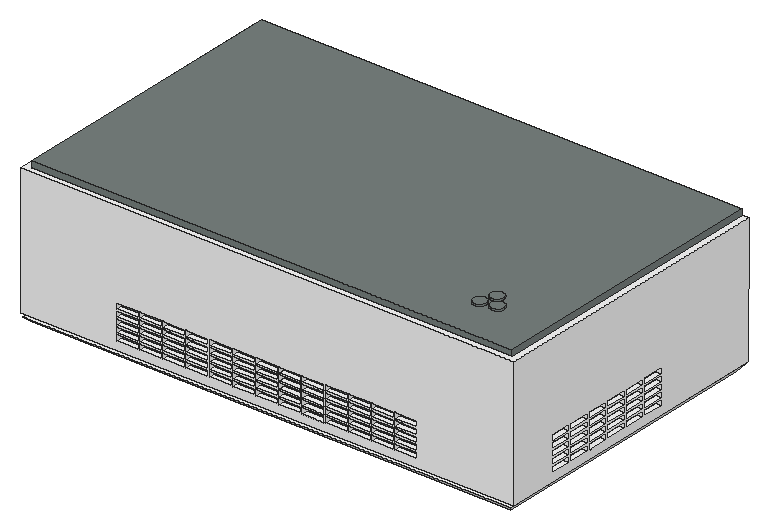
Revit family "AM 300 HHBB", category Mechanical Equipment, Revit 2019
Family settings
  Round Connector Dimension = Use Diameter
  Part Type = Normal
  OmniClass Number = 23.75.00.00
  OmniClass Title = Climate Control (HVAC)
  Work Plane-Based = No
  Always vertical = Yes
  Cut with Voids When Loaded = No
  Shared = No
  Room Calculation Point = No
Parameters
  Weight (Standard Unit) = 85  # constant formula
  Water Heating [instance] = yes
  Water Heater Surface Return = 15 mm  # constant formula
  Water Heater Surface IN = 15 mm  # constant formula
  Version number = "1.0"
  URL = "www.airmaster-as.com"
  Total Width = 1180 mm  # constant formula
  Total Hight = 344 mm  # constant formula
  T-C Duct Supply = 187 mm  # constant formula
  T-C Duct Exhaust = 187 mm  # constant formula
  Suply Air In = 160 mm  # constant formula
  R-C Duct Supply = 133 mm  # constant formula
  Publication date = "01.05.2023"
  Phase 1 - Max Power Consumption = "1175 W"
  Phase 1 - Max Current = "7,97 A"
  Nominal current, electrical preheating surface = "4,35 A"
  Nominal current, electrical comfort heating surface = "2,17 A"
  Nominal current, air handling unit = "1,45 A"
  Network Conection = "AWG 24 CAT 5e STP"
  Model = "AM 300 HHBB"
  Max. flow rate 35 dB(A) with ePM10 80% filters = 240.00 m³  # constant formula
  Max. flow rate 35 dB(A) with ePM10 55% filters = 270.00 m³  # constant formula
  Max. flow rate 35 dB(A) with ePM10 50% filters = 275.00 m³  # constant formula
  Max. flow rate 30 dB(A) with ePM10 80% filters = 180.00 m³  # constant formula
  Max. flow rate 30 dB(A) with ePM10 55% filters = 205.00 m³  # constant formula
  Max. flow rate 30 dB(A) with ePM10 50% filters = 210.00 m³  # constant formula
  Manufacturer = "Airmaster A/S"
  Maintenance [instance] = no
  L-C Duct Exhaust = 133 mm  # constant formula
  Exhaust Air = 160 mm  # constant formula
  Total Depth = 703 mm  # constant formula
  Electrical connection = "1 ~ 230 V / N / PE / 50 Hz"
  Drawn By = "LSB"
  Data Sheet = "https://www.airmaster-as.com/media/4938/15583-am300-en-rev-04.pdf"
  Condensate = 6 mm  # constant formula
  BMS Panel = "(PTS) 2x2x0,6"
  BMS Out = "(PTS) 2x2x0,6"
  BMS IN = "(PTS) 2x2x0,6"
  Airlow area [instance] = no
Reference planes
  plane 1 "Center (Front/Back)": y = 0
  plane 2: z = 0
  plane 3 "Center (Left/Right)": x = 0
  plane 4 "Center L/S": y = -703
  plane 5 "Center L/T": x = -590
  plane 6 "Center L/U": x = 590
  plane 7 "TOP": z = 344
  plane 8 "Center L/V": x = -575
  plane 9 "Center L/W": y = -688
  plane 10 "Center L/X": x = 575
  plane 11 "Panel Buttom": z = 20.747
  plane 12 "Panel Top": z = 330.347
  plane 13 "Hatch": z = 14.5
Forms (mm)
  Extrusion 1, solid, material "AM Grey"
    sketch origin (0, 0, 0) x (1, 0, 0) y (0, 1, 0)
      loop
        line (-575, 0) -> (-575, -688) -> (575, -688) -> (575, 0) -> (-575, 0)
    from 14.5 to 344
  Extrusion 2, solid, material "AM White"
    sketch origin (794.5, -1524, 20.747) x (0, -1, 0) y (-1, 0, 0)
      loop
        line (-1524, 1384.5) -> (-1524, 1369.5) -> (-836, 1369.5) -> (-836, 219.5) -> (-1524, 219.5) -> (-1524, 204.5) -> (-821, 204.5) -> (-821, 1384.5) -> (-1524, 1384.5)
    from 0 to -309.6
  Blend 3, solid, material "AM White"
    base sketch origin (-790.646, -1524, 14.5) x (0, -1, 0) y (1, 0, 0)
      loop
        line (-821, 207.613) -> (-821, 1373.657) -> (-1524, 1373.657) -> (-1524, 207.613) -> (-821, 207.613)
    top sketch origin (-790.646, -1524, 14.5) x (0, -1, 0) y (1, 0, 0)
      loop
        line (-836, 218.963) -> (-836, 1362.646) -> (-1509.161, 1362.646) -> (-1509.161, 218.963) -> (-836, 218.963)
    from 0 to -14.5
  Extrusion 4, solid, material "AM Grey"
    sketch origin (-575, 0, 0) x (1, 0, 0) y (0, 0, -1)
      loop
        circle (1032, -157) r 80
    from 0 to 18.45
  Extrusion 5, solid, material "AM Grey"
    sketch origin (-785, 0, 0) x (1, 0, 0) y (0, 0, -1)
      loop
        circle (328, -157) r 80
    from 0 to 18.45
  Extrusion 6, solid, material "Maintenece", visible <- "Maintenance"
    sketch origin (-790.646, -1524, 0) x (1, 0, 0) y (0, -1, 0)
      loop
        line (200.646, -1524) -> (1380.646, -1524) -> (1380.646, -821) -> (200.646, -821) -> (200.646, -1524)
    from 0 to 1200
  Extrusion 7, solid, material "Maintenece", visible <- "Airlow area"
    sketch origin (590, 0, 24.45) x (0, -1, 0) y (0, 0, -1)
      loop
        line (0, -98.297) -> (703, -98.297) -> (703, 21) -> (0, 21) -> (0, -98.297)
    from 0 to 500
  Extrusion 8, solid, material "AM Grey"
    sketch origin (0, 0, 344) x (1, 0, 0) y (0, 1, 0)
      loop
        circle (428.027, -549.273) r 15.55
    from 0 to 3
  Extrusion 9, solid, material "AM Grey"
    sketch origin (0, 0, 344) x (1, 0, 0) y (0, 1, 0)
      loop
        circle (452.132, -578.023) r 15.55
    from 0 to 3
  Extrusion 10, solid, material "AM Grey"
    sketch origin (0, 0, 344) x (1, 0, 0) y (0, 1, 0)
      loop
        circle (415.201, -584.535) r 15.55
    from 0 to 3
  Extrusion 11, void
    sketch origin (590, -703, 24.45) x (1, 0, 0) y (0, 0, -1)
      loop
        line (-950, -98.297) -> (-897.385, -98.297) -> (-897.385, -84.297) -> (-950, -84.297) -> (-950, -98.297)
      loop
        line (-950, -81.297) -> (-897.385, -81.297) -> (-897.385, -67.297) -> (-950, -67.297) -> (-950, -81.297)
      loop
        line (-950, -64.297) -> (-897.385, -64.297) -> (-897.385, -50.297) -> (-950, -50.297) -> (-950, -64.297)
      loop
        line (-950, -47.297) -> (-897.385, -47.297) -> (-897.385, -33.297) -> (-950, -33.297) -> (-950, -47.297)
      loop
        line (-950, -30.297) -> (-897.385, -30.297) -> (-897.385, -16.297) -> (-950, -16.297) -> (-950, -30.297)
      loop
        line (-894.385, -98.297) -> (-841.769, -98.297) -> (-841.769, -84.297) -> (-894.385, -84.297) -> (-894.385, -98.297)
      loop
        line (-894.385, -81.297) -> (-841.769, -81.297) -> (-841.769, -67.297) -> (-894.385, -67.297) -> (-894.385, -81.297)
      loop
        line (-894.385, -64.297) -> (-841.769, -64.297) -> (-841.769, -50.297) -> (-894.385, -50.297) -> (-894.385, -64.297)
      loop
        line (-894.385, -47.297) -> (-841.769, -47.297) -> (-841.769, -33.297) -> (-894.385, -33.297) -> (-894.385, -47.297)
      loop
        line (-894.385, -30.297) -> (-841.769, -30.297) -> (-841.769, -16.297) -> (-894.385, -16.297) -> (-894.385, -30.297)
      loop
        line (-838.769, -98.297) -> (-786.154, -98.297) -> (-786.154, -84.297) -> (-838.769, -84.297) -> (-838.769, -98.297)
      loop
        line (-838.769, -81.297) -> (-786.154, -81.297) -> (-786.154, -67.297) -> (-838.769, -67.297) -> (-838.769, -81.297)
      loop
        line (-838.769, -64.297) -> (-786.154, -64.297) -> (-786.154, -50.297) -> (-838.769, -50.297) -> (-838.769, -64.297)
      loop
        line (-838.769, -47.297) -> (-786.154, -47.297) -> (-786.154, -33.297) -> (-838.769, -33.297) -> (-838.769, -47.297)
      loop
        line (-838.769, -30.297) -> (-786.154, -30.297) -> (-786.154, -16.297) -> (-838.769, -16.297) -> (-838.769, -30.297)
      loop
        line (-783.154, -98.297) -> (-730.538, -98.297) -> (-730.538, -84.297) -> (-783.154, -84.297) -> (-783.154, -98.297)
      loop
        line (-783.154, -81.297) -> (-730.538, -81.297) -> (-730.538, -67.297) -> (-783.154, -67.297) -> (-783.154, -81.297)
      loop
        line (-783.154, -64.297) -> (-730.538, -64.297) -> (-730.538, -50.297) -> (-783.154, -50.297) -> (-783.154, -64.297)
      loop
        line (-783.154, -47.297) -> (-730.538, -47.297) -> (-730.538, -33.297) -> (-783.154, -33.297) -> (-783.154, -47.297)
      loop
        line (-783.154, -30.297) -> (-730.538, -30.297) -> (-730.538, -16.297) -> (-783.154, -16.297) -> (-783.154, -30.297)
      loop
        line (-727.538, -98.297) -> (-674.923, -98.297) -> (-674.923, -84.297) -> (-727.538, -84.297) -> (-727.538, -98.297)
      loop
        line (-727.538, -81.297) -> (-674.923, -81.297) -> (-674.923, -67.297) -> (-727.538, -67.297) -> (-727.538, -81.297)
      loop
        line (-727.538, -64.297) -> (-674.923, -64.297) -> (-674.923, -50.297) -> (-727.538, -50.297) -> (-727.538, -64.297)
      loop
        line (-727.538, -47.297) -> (-674.923, -47.297) -> (-674.923, -33.297) -> (-727.538, -33.297) -> (-727.538, -47.297)
      loop
        line (-727.538, -30.297) -> (-674.923, -30.297) -> (-674.923, -16.297) -> (-727.538, -16.297) -> (-727.538, -30.297)
      loop
        line (-671.923, -98.297) -> (-619.308, -98.297) -> (-619.308, -84.297) -> (-671.923, -84.297) -> (-671.923, -98.297)
      loop
        line (-671.923, -81.297) -> (-619.308, -81.297) -> (-619.308, -67.297) -> (-671.923, -67.297) -> (-671.923, -81.297)
      loop
        line (-671.923, -64.297) -> (-619.308, -64.297) -> (-619.308, -50.297) -> (-671.923, -50.297) -> (-671.923, -64.297)
      loop
        line (-671.923, -47.297) -> (-619.308, -47.297) -> (-619.308, -33.297) -> (-671.923, -33.297) -> (-671.923, -47.297)
      loop
        line (-671.923, -30.297) -> (-619.308, -30.297) -> (-619.308, -16.297) -> (-671.923, -16.297) -> (-671.923, -30.297)
      loop
        line (-616.308, -98.297) -> (-563.692, -98.297) -> (-563.692, -84.297) -> (-616.308, -84.297) -> (-616.308, -98.297)
      loop
        line (-616.308, -81.297) -> (-563.692, -81.297) -> (-563.692, -67.297) -> (-616.308, -67.297) -> (-616.308, -81.297)
      loop
        line (-616.308, -64.297) -> (-563.692, -64.297) -> (-563.692, -50.297) -> (-616.308, -50.297) -> (-616.308, -64.297)
      loop
        line (-616.308, -47.297) -> (-563.692, -47.297) -> (-563.692, -33.297) -> (-616.308, -33.297) -> (-616.308, -47.297)
      loop
        line (-616.308, -30.297) -> (-563.692, -30.297) -> (-563.692, -16.297) -> (-616.308, -16.297) -> (-616.308, -30.297)
      loop
        line (-560.692, -98.297) -> (-508.077, -98.297) -> (-508.077, -84.297) -> (-560.692, -84.297) -> (-560.692, -98.297)
      loop
        line (-560.692, -81.297) -> (-508.077, -81.297) -> (-508.077, -67.297) -> (-560.692, -67.297) -> (-560.692, -81.297)
      loop
        line (-560.692, -64.297) -> (-508.077, -64.297) -> (-508.077, -50.297) -> (-560.692, -50.297) -> (-560.692, -64.297)
      loop
        line (-560.692, -47.297) -> (-508.077, -47.297) -> (-508.077, -33.297) -> (-560.692, -33.297) -> (-560.692, -47.297)
      loop
        line (-560.692, -30.297) -> (-508.077, -30.297) -> (-508.077, -16.297) -> (-560.692, -16.297) -> (-560.692, -30.297)
      loop
        line (-505.077, -98.297) -> (-452.462, -98.297) -> (-452.462, -84.297) -> (-505.077, -84.297) -> (-505.077, -98.297)
      loop
        line (-505.077, -81.297) -> (-452.462, -81.297) -> (-452.462, -67.297) -> (-505.077, -67.297) -> (-505.077, -81.297)
      loop
        line (-505.077, -64.297) -> (-452.462, -64.297) -> (-452.462, -50.297) -> (-505.077, -50.297) -> (-505.077, -64.297)
      loop
        line (-505.077, -47.297) -> (-452.462, -47.297) -> (-452.462, -33.297) -> (-505.077, -33.297) -> (-505.077, -47.297)
      loop
        line (-505.077, -30.297) -> (-452.462, -30.297) -> (-452.462, -16.297) -> (-505.077, -16.297) -> (-505.077, -30.297)
      loop
        line (-449.462, -98.297) -> (-396.846, -98.297) -> (-396.846, -84.297) -> (-449.462, -84.297) -> (-449.462, -98.297)
      loop
        line (-449.462, -81.297) -> (-396.846, -81.297) -> (-396.846, -67.297) -> (-449.462, -67.297) -> (-449.462, -81.297)
      loop
        line (-449.462, -64.297) -> (-396.846, -64.297) -> (-396.846, -50.297) -> (-449.462, -50.297) -> (-449.462, -64.297)
      loop
        line (-449.462, -47.297) -> (-396.846, -47.297) -> (-396.846, -33.297) -> (-449.462, -33.297) -> (-449.462, -47.297)
      loop
        line (-449.462, -30.297) -> (-396.846, -30.297) -> (-396.846, -16.297) -> (-449.462, -16.297) -> (-449.462, -30.297)
      loop
        line (-393.846, -98.297) -> (-341.231, -98.297) -> (-341.231, -84.297) -> (-393.846, -84.297) -> (-393.846, -98.297)
      loop
        line (-393.846, -81.297) -> (-341.231, -81.297) -> (-341.231, -67.297) -> (-393.846, -67.297) -> (-393.846, -81.297)
      loop
        line (-393.846, -64.297) -> (-341.231, -64.297) -> (-341.231, -50.297) -> (-393.846, -50.297) -> (-393.846, -64.297)
      loop
        line (-393.846, -47.297) -> (-341.231, -47.297) -> (-341.231, -33.297) -> (-393.846, -33.297) -> (-393.846, -47.297)
      loop
        line (-393.846, -30.297) -> (-341.231, -30.297) -> (-341.231, -16.297) -> (-393.846, -16.297) -> (-393.846, -30.297)
      loop
        line (-338.231, -98.297) -> (-285.615, -98.297) -> (-285.615, -84.297) -> (-338.231, -84.297) -> (-338.231, -98.297)
      loop
        line (-338.231, -81.297) -> (-285.615, -81.297) -> (-285.615, -67.297) -> (-338.231, -67.297) -> (-338.231, -81.297)
      loop
        line (-338.231, -64.297) -> (-285.615, -64.297) -> (-285.615, -50.297) -> (-338.231, -50.297) -> (-338.231, -64.297)
      loop
        line (-338.231, -47.297) -> (-285.615, -47.297) -> (-285.615, -33.297) -> (-338.231, -33.297) -> (-338.231, -47.297)
      loop
        line (-338.231, -30.297) -> (-285.615, -30.297) -> (-285.615, -16.297) -> (-338.231, -16.297) -> (-338.231, -30.297)
      loop
        line (-282.615, -98.297) -> (-230, -98.297) -> (-230, -84.297) -> (-282.615, -84.297) -> (-282.615, -98.297)
      loop
        line (-282.615, -81.297) -> (-230, -81.297) -> (-230, -67.297) -> (-282.615, -67.297) -> (-282.615, -81.297)
      loop
        line (-282.615, -64.297) -> (-230, -64.297) -> (-230, -50.297) -> (-282.615, -50.297) -> (-282.615, -64.297)
      loop
        line (-282.615, -47.297) -> (-230, -47.297) -> (-230, -33.297) -> (-282.615, -33.297) -> (-282.615, -47.297)
      loop
        line (-282.615, -30.297) -> (-230, -30.297) -> (-230, -16.297) -> (-282.615, -16.297) -> (-282.615, -30.297)
    from 0 to 15
  Extrusion 12, void
    sketch origin (590, 0, 25.035) x (0, 1, 0) y (0, 0, -1)
      loop
        line (-588.9, -97.712) -> (-536.417, -97.712) -> (-536.417, -83.712) -> (-588.9, -83.712) -> (-588.9, -97.712)
      loop
        line (-588.9, -80.712) -> (-536.417, -80.712) -> (-536.417, -66.712) -> (-588.9, -66.712) -> (-588.9, -80.712)
      loop
        line (-588.9, -63.712) -> (-536.417, -63.712) -> (-536.417, -49.712) -> (-588.9, -49.712) -> (-588.9, -63.712)
      loop
        line (-588.9, -46.712) -> (-536.417, -46.712) -> (-536.417, -32.712) -> (-588.9, -32.712) -> (-588.9, -46.712)
      loop
        line (-588.9, -29.712) -> (-536.417, -29.712) -> (-536.417, -15.712) -> (-588.9, -15.712) -> (-588.9, -29.712)
      loop
        line (-533.417, -97.712) -> (-480.933, -97.712) -> (-480.933, -83.712) -> (-533.417, -83.712) -> (-533.417, -97.712)
      loop
        line (-533.417, -80.712) -> (-480.933, -80.712) -> (-480.933, -66.712) -> (-533.417, -66.712) -> (-533.417, -80.712)
      loop
        line (-533.417, -63.712) -> (-480.933, -63.712) -> (-480.933, -49.712) -> (-533.417, -49.712) -> (-533.417, -63.712)
      loop
        line (-533.417, -46.712) -> (-480.933, -46.712) -> (-480.933, -32.712) -> (-533.417, -32.712) -> (-533.417, -46.712)
      loop
        line (-533.417, -29.712) -> (-480.933, -29.712) -> (-480.933, -15.712) -> (-533.417, -15.712) -> (-533.417, -29.712)
      loop
        line (-477.933, -97.712) -> (-425.45, -97.712) -> (-425.45, -83.712) -> (-477.933, -83.712) -> (-477.933, -97.712)
      loop
        line (-477.933, -80.712) -> (-425.45, -80.712) -> (-425.45, -66.712) -> (-477.933, -66.712) -> (-477.933, -80.712)
      loop
        line (-477.933, -63.712) -> (-425.45, -63.712) -> (-425.45, -49.712) -> (-477.933, -49.712) -> (-477.933, -63.712)
      loop
        line (-477.933, -46.712) -> (-425.45, -46.712) -> (-425.45, -32.712) -> (-477.933, -32.712) -> (-477.933, -46.712)
      loop
        line (-477.933, -29.712) -> (-425.45, -29.712) -> (-425.45, -15.712) -> (-477.933, -15.712) -> (-477.933, -29.712)
      loop
        line (-422.45, -97.712) -> (-369.967, -97.712) -> (-369.967, -83.712) -> (-422.45, -83.712) -> (-422.45, -97.712)
      loop
        line (-422.45, -80.712) -> (-369.967, -80.712) -> (-369.967, -66.712) -> (-422.45, -66.712) -> (-422.45, -80.712)
      loop
        line (-422.45, -63.712) -> (-369.967, -63.712) -> (-369.967, -49.712) -> (-422.45, -49.712) -> (-422.45, -63.712)
      loop
        line (-422.45, -46.712) -> (-369.967, -46.712) -> (-369.967, -32.712) -> (-422.45, -32.712) -> (-422.45, -46.712)
      loop
        line (-422.45, -29.712) -> (-369.967, -29.712) -> (-369.967, -15.712) -> (-422.45, -15.712) -> (-422.45, -29.712)
      loop
        line (-366.967, -97.712) -> (-314.483, -97.712) -> (-314.483, -83.712) -> (-366.967, -83.712) -> (-366.967, -97.712)
      loop
        line (-366.967, -80.712) -> (-314.483, -80.712) -> (-314.483, -66.712) -> (-366.967, -66.712) -> (-366.967, -80.712)
      loop
        line (-366.967, -63.712) -> (-314.483, -63.712) -> (-314.483, -49.712) -> (-366.967, -49.712) -> (-366.967, -63.712)
      loop
        line (-366.967, -46.712) -> (-314.483, -46.712) -> (-314.483, -32.712) -> (-366.967, -32.712) -> (-366.967, -46.712)
      loop
        line (-366.967, -29.712) -> (-314.483, -29.712) -> (-314.483, -15.712) -> (-366.967, -15.712) -> (-366.967, -29.712)
      loop
        line (-311.483, -97.712) -> (-259, -97.712) -> (-259, -83.712) -> (-311.483, -83.712) -> (-311.483, -97.712)
      loop
        line (-311.483, -80.712) -> (-259, -80.712) -> (-259, -66.712) -> (-311.483, -66.712) -> (-311.483, -80.712)
      loop
        line (-311.483, -63.712) -> (-259, -63.712) -> (-259, -49.712) -> (-311.483, -49.712) -> (-311.483, -63.712)
      loop
        line (-311.483, -46.712) -> (-259, -46.712) -> (-259, -32.712) -> (-311.483, -32.712) -> (-311.483, -46.712)
      loop
        line (-311.483, -29.712) -> (-259, -29.712) -> (-259, -15.712) -> (-311.483, -15.712) -> (-311.483, -29.712)
    from 0 to 15
  Extrusion 13, solid, material "AM Grey", visible <- "Water Heating"
    sketch origin (-575, -688, 0) x (0, 1, 0) y (0, 0, -1)
      loop
        circle (325.216, -242.139) r 15.55
    from 0 to 36
  Extrusion 14, solid, material "AM Grey", visible <- "Water Heating"
    sketch origin (-575, -836.92, 39.903) x (0, 1, 0) y (0, 0, -1)
      loop
        circle (325.216, -242.139) r 15.55
    from 0 to 36
Cuts and joins
  Extrusion 11, Extrusion 12 cuts Extrusion 1
  Extrusion 11, Extrusion 12 cuts Extrusion 2
  Extrusion 12 cuts Extrusion 7
Dimensions and locks
  "Total Depth": plane 4 "Center L/S" to plane 1 "Center (Front/Back)"
  equal spacing: plane 5 "Center L/T", plane 3 "Center (Left/Right)", plane 6 "Center L/U"
  "Total Width": plane 5 "Center L/T" to plane 6 "Center L/U"
  "Total Hight": plane 7 "TOP" to level
  locked: plane 10 "Center L/X" to plane 6 "Center L/U" at 15
  locked: plane 4 "Center L/S" to plane 9 "Center L/W" at 15
  locked: plane 5 "Center L/T" to plane 8 "Center L/V" at 15
  Extrusion 1 to Blend 3 sketch curve = 14.839 mm
  "R-C Duct Supply": plane 6 "Center L/U" to Extrusion 4 sketch curve
  "T-C Duct Exhaust": Extrusion 5 sketch curve to plane 7 "TOP"
  "L-C Duct Exhaust": Extrusion 5 sketch curve to plane 5 "Center L/T"
  "T-C Duct Supply": plane 7 "TOP" to Extrusion 4 sketch curve
  "Suply Air In": diameter of Extrusion 4 sketch curve
  "Exhaust Air": diameter of Extrusion 5 sketch curve
  aligned and locked: level to plane 2
  aligned and locked: plane 1 "Center (Front/Back)" to Extrusion 1 sketch curve
  aligned and locked: plane 8 "Center L/V" to Extrusion 1 sketch curve
  aligned and locked: Extrusion 1 sketch curve to plane 9 "Center L/W"
  aligned and locked: Extrusion 1 sketch curve to plane 10 "Center L/X"
  aligned and locked: plane 7 "TOP" to Extrusion 1
  aligned and locked: plane 5 "Center L/T" to Extrusion 2 sketch curve
  aligned and locked: plane 4 "Center L/S" to Extrusion 2 sketch curve
  aligned and locked: plane 6 "Center L/U" to Extrusion 2 sketch curve
  aligned and locked: Extrusion 2 sketch curve to Extrusion 1  (x3)
  aligned and locked: plane 1 "Center (Front/Back)" to Extrusion 2 sketch curve
  aligned and locked: Extrusion 2 to plane 12 "Panel Top"
  aligned and locked: Blend 3 to plane 2
  aligned and locked: plane 13 "Hatch" to Extrusion 1
Automatic sketch dimensions
  plane 1 "Center (Front/Back)" to Extrusion 2 sketch curve = 0 mm
  plane 1 "Center (Front/Back)" to Blend 3 sketch curve = 0 mm
  plane 4 "Center L/S" to Blend 3 sketch curve = 0 mm
  plane 5 "Center L/T" to Blend 3 sketch curve = 6.967 mm
  Blend 3 sketch curve to plane 6 "Center L/U" = 6.989 mm
  plane 9 "Center L/W" to Blend 3 sketch curve = 0 mm
  plane 8 "Center L/V" to Blend 3 sketch curve = 3.316 mm
  Blend 3 sketch curve to plane 10 "Center L/X" = 3 mm
  Extrusion 6 sketch curve to Blend 3 = 18.316 mm
  Extrusion 6 sketch curve to Blend 3 = 18 mm
  Extrusion 6 sketch curve to Blend 3 = 15 mm
  Extrusion 6 sketch curve to Blend 3 = 14.839 mm
  Extrusion 7 sketch curve to plane 1 "Center (Front/Back)" = 0 mm
  Extrusion 7 sketch curve to plane 4 "Center L/S" = 0 mm
  Extrusion 7 sketch curve to plane 11 "Panel Buttom" = 102 mm
  level to Extrusion 7 sketch curve = 3.45 mm
  Extrusion 8 sketch curve to Extrusion 1 = 146.973 mm
  Extrusion 8 sketch curve to Extrusion 1 = 138.727 mm
  Extrusion 9 sketch curve to Extrusion 1 = 122.868 mm
  Extrusion 9 sketch curve to Extrusion 1 = 109.977 mm
  Extrusion 10 sketch curve to Extrusion 1 = 159.799 mm
  Extrusion 10 sketch curve to Extrusion 1 = 103.465 mm
  Extrusion 11 sketch curve to Extrusion 2 = 102 mm  (x2)
  Extrusion 11 sketch curve to Extrusion 2 = 230 mm
  Extrusion 11 sketch curve to Extrusion 2 = 20 mm
  Extrusion 11 sketch curve to Extrusion 11 sketch curve = 0 mm  (x115)
  Extrusion 11 sketch curve to Extrusion 11 sketch curve = 52.615 mm  (x13)
  Extrusion 11 sketch curve to Extrusion 11 sketch curve = 3 mm  (x88)
  Extrusion 11 sketch curve to Extrusion 11 sketch curve = 14 mm  (x40)
  Extrusion 2 to Extrusion 12 sketch curve = 114.1 mm
  Extrusion 12 sketch curve to Extrusion 12 sketch curve = 0 mm  (x59)
  Extrusion 12 sketch curve to Extrusion 12 sketch curve = 52.483 mm  (x6)
  Extrusion 12 sketch curve to Extrusion 12 sketch curve = 3 mm  (x38)
  Extrusion 12 sketch curve to Extrusion 2 = 102 mm  (x2)
  Extrusion 12 sketch curve to Extrusion 12 sketch curve = 14 mm  (x14)
  Extrusion 1 to Extrusion 13 sketch curve = 101.861 mm
  Extrusion 13 sketch curve to Extrusion 1 = 325.216 mm
  Extrusion 1 to Extrusion 14 sketch curve = 61.958 mm
  Extrusion 14 sketch curve to Extrusion 1 = 176.296 mm
  radius of Extrusion 8 sketch curve = 15.55 mm
  radius of Extrusion 9 sketch curve = 15.55 mm
  radius of Extrusion 10 sketch curve = 15.55 mm
  radius of Extrusion 13 sketch curve = 15.55 mm
  radius of Extrusion 14 sketch curve = 15.55 mm
Nested families
  nested 1: "Model Label 2019" at (0, -361.924, 0), Label <- "Model", type "Model Label 2019"
    with Label "AM 300 HHBB"
  nested 2: "Pil Indtag" at (1100, -364, 0) x (-1, 0, 0) z (0, 0, 1), type "Pil Indtag"
    with dX_ 609 mm, dX 609 mm, ang2D 0.00°
  nested 3: "indblæssymbol" at (0, -803, 0) x (0, -1, 0) z (0, 0, 1), type "indblæssymbol"
    with dX_ 609 mm, dX 609 mm, ang2D 0.00°
Connectors
  electrical at (428.027, -549.273, 344)
    settings: on Extrusion 8, index 13, voltage 230 V, apparent load 0 VA, apparent load phase1 0 VA, apparent load phase2 0 VA, apparent load phase3 0 VA, power factor 0.55, load classification "Other", number of poles 1, system type 30, power factor state 1, is connector primary yes, connector utility no, sub classification motor no, connector description ""
  electrical at (452.132, -578.023, 344), driven by "BMS Out"
    settings: on Extrusion 9, index 14, voltage 0 V, apparent load 0 VA, apparent load phase1 0 VA, apparent load phase2 0 VA, apparent load phase3 0 VA, power factor 1, load classification "Other", number of poles 1, system type 5, power factor state 1, is connector primary no, connector utility no, sub classification motor no, connector description "(PTS) 2x2x0,6"
  electrical at (415.201, -584.535, 344), driven by "BMS IN"
    settings: on Extrusion 10, index 15, voltage 0 V, apparent load 0 VA, apparent load phase1 0 VA, apparent load phase2 0 VA, apparent load phase3 0 VA, power factor 1, load classification "Other", number of poles 1, system type 5, power factor state 1, is connector primary no, connector utility no, sub classification motor no, connector description "(PTS) 2x2x0,6"
  piping at (-611, -362.784, 242.139), diameter 15, driven by "Water Heater Surface IN"
    settings: on Extrusion 13, index 16, connector inside diameter 609.6 mm, connector length 0 mm, flow factor 0, pipe flow 0.0 L/s, pressure drop 0.0 Pa, fitting loss kfactor 0, connector angle 0.00°, fixture units 0, engagement length 0 mm, angle of deflection 0.00°, flow configuration 0, flow direction 1, fitting loss method 0, system type 19, joint type 0, gender type 0, connector reference index -1, connector utility 0, adjustable connector no, is connector primary yes, connector description ""
  piping at (-611, -511.704, 282.042), diameter 15, driven by "Water Heater Surface IN"
    settings: on Extrusion 14, index 17, connector inside diameter 609.6 mm, connector length 0 mm, flow factor 0, pipe flow 0.0 L/s, pressure drop 0.0 Pa, fitting loss kfactor 0, connector angle 0.00°, fixture units 0, engagement length 0 mm, angle of deflection 0.00°, flow configuration 0, flow direction 2, fitting loss method 0, system type 19, joint type 0, gender type 0, connector reference index -1, connector utility 0, adjustable connector no, is connector primary no, connector description ""
  hvac at (-457, 0, 157), driven by "Exhaust Air"
    settings: on Extrusion 5, index 18, duct flow 0.0 L/s, flow factor 0, pres drop 0.0 Pa, loss coef 0, conn angle 0.00°, conn width 304.8 mm, conn height 304.8 mm, conn diameter 160 mm, duct sys type 1, conn prof type 0, flow config 0, flow direction 1, loss method 0, conn ref index -1, conn util no, is conn primary yes, conn desc ""
  hvac at (457, 0, 157), driven by "Suply Air In"
    settings: on Extrusion 4, index 19, duct flow 0.0 L/s, flow factor 0, pres drop 0.0 Pa, loss coef 0, conn angle 0.00°, conn width 304.8 mm, conn height 304.8 mm, conn diameter 160 mm, duct sys type 3, conn prof type 0, flow config 0, flow direction 2, loss method 0, conn ref index -1, conn util no, is conn primary no, conn desc ""
Definition of nested family "Model Label 2019"
  Parameters (values of type "Model Label 2019")
    Label [instance] = ""
  Reference planes
    plane 1: y = 0
    plane 2: x = 0
  Text (mm)
    label "Label" at (-0.131, 0.049, 0), shows "Label"
Definition of nested family "Pil Indtag"
  Parameters (values of type "Pil Indtag")
    dX_ [instance] = if(dX = 0 mm, 1 mm, dX)  # 609 mm
    dX [instance] = 609 mm
    ang2D [instance] = 0.00°
    Type Comments = "DO NOT CHANGE dX value from 608 mm ( 2 ft )"
    Afstand pil = 50 mm
  Reference planes
    plane 1 "Center (Front/Back)": y = 0
    plane 2: z = 0
    plane 3 "Center (Left/Right)": x = 0
    plane 4: x = 500
  Lines and regions (mm)
    Filled region 1, type "Concrete", in view "Ref. Level"
      outline origin (0, 0, 0) x (1, 0, 0) y (0, 1, 0)
        loop
          line (499.552, 0) -> (401.072, 17.365) -> (401.072, -17.365) -> (499.552, 0)
    reference lines, in view "Ref. Level"
      curve 1: line (50, 134.129, 0) -> (50, -145.871, 0)
    detail lines, in view "Ref. Level", not visible
      curve 2: arc (335, 0, 0) -> (385.559, -50.321, 0) -> (434.999, 1.101, 0) r 50.01
      curve 3: arc (335, 0, 0) -> (285.666, 52.633, 0) -> (235.069, 1.212, 0) r 50.01
      curve 4: line (434.999, 1.101, 0) -> (434.999, 21.156, 0)
      curve 5: line (235.069, 1.212, 0) -> (235.069, -18.844, 0)
    detail lines, in view "Ref. Level"
      curve 6: arc (225.332, 0, 0) -> (272.332, -35.211, 0) -> (294.114, 19.326, 0) r 36.995
      curve 7: arc (225.206, 0, 0) -> (173.868, 30.307, 0) -> (156.85, -26.829, 0) r 37.835
      curve 8: line (499.552, 0, 0) -> (401.072, 17.365, 0)
      curve 9: line (401.072, 17.365, 0) -> (401.072, -17.365, 0)
      curve 10: line (401.072, -17.365, 0) -> (499.552, 0, 0)
      curve 11: line (499.552, 0, 0) -> (-15.448, 0, 0)
  Dimensions and locks
    "Afstand pil": plane 3 "Center (Left/Right)" to curve 1
    plane 3 "Center (Left/Right)" to plane 4 = 500 mm
  Automatic sketch dimensions
    plane 1 "Center (Front/Back)" to Filled region 1 sketch curve = 0 mm
    Filled region 1 sketch curve to plane 4 = 0.448 mm
    plane 1 "Center (Front/Back)" to Filled region 1 sketch curve = 17.365 mm
    Filled region 1 sketch curve to plane 4 = 98.928 mm
    Filled region 1 sketch curve to plane 1 "Center (Front/Back)" = 17.365 mm
    plane 1 "Center (Front/Back)" to curve 11 = 0 mm
    plane 1 "Center (Front/Back)" to curve 7 = 4.913 mm
    plane 3 "Center (Left/Right)" to curve 7 = 187.691 mm
    curve 6 to plane 1 "Center (Front/Back)" = 0.405 mm
    curve 7 to curve 6 = 74.634 mm
    curve 9 to plane 1 "Center (Front/Back)" = 17.365 mm
    curve 9 to plane 4 = 98.928 mm
    curve 11 to plane 4 = 0.448 mm
    plane 1 "Center (Front/Back)" to curve 10 = 17.365 mm
    curve 7 to curve 7 = 30.842 mm
    curve 11 to plane 3 "Center (Left/Right)" = 15.448 mm
    curve 7 to curve 6 = 37.119 mm
    curve 7 to curve 6 = 0.126 mm
    curve 6 to plane 1 "Center (Front/Back)" = 19.326 mm
    plane 1 "Center (Front/Back)" to curve 1 = 145.871 mm
    curve 1 to plane 1 "Center (Front/Back)" = 134.129 mm
Definition of nested family "indblæssymbol"
  Parameters (values of type "indblæssymbol")
    dX_ [instance] = if(dX = 0 mm, 1 mm, dX)  # 609 mm
    dX [instance] = 609 mm
    ang2D [instance] = 0.00°
    Type Comments = "DO NOT CHANGE dX value from 608 mm ( 2 ft )"
    Afstand pil = 50 mm
  Reference planes
    plane 1 "Center (Front/Back)": y = 0
    plane 2: z = 0
    plane 3 "Center (Left/Right)": x = 0
  Lines and regions (mm)
    Filled region 1, type "Concrete", in view "Ref. Level"
      outline origin (50.005, 0, 0) x (1, 0, 0) y (0, 1, 0)
        loop
          line (399.995, 0.414) -> (301.442, 17.365) -> (301.588, -17.365) -> (399.995, 0.414)
    reference lines, in view "Ref. Level"
      curve 1: line (50, 134.129, 0) -> (50, -145.871, 0)
    detail lines, in view "Ref. Level"
      curve 2: line (351.52, 0, 0) -> (50, 0, 0)
  Dimensions and locks
    "Afstand pil": plane 3 "Center (Left/Right)" to curve 1
    curve 1 to Filled region 1 = 400 mm
  Automatic sketch dimensions
    Filled region 1 sketch curve to plane 1 "Center (Front/Back)" = 0.414 mm
    plane 3 "Center (Left/Right)" to Filled region 1 sketch curve = 450 mm
    plane 1 "Center (Front/Back)" to Filled region 1 sketch curve = 17.365 mm
    Filled region 1 sketch curve to Filled region 1 sketch curve = 98.407 mm
    Filled region 1 sketch curve to plane 1 "Center (Front/Back)" = 17.365 mm
    Filled region 1 sketch curve to Filled region 1 sketch curve = 0.146 mm
    plane 1 "Center (Front/Back)" to curve 2 = 0 mm
    plane 3 "Center (Left/Right)" to curve 2 = 50 mm
    curve 2 to curve 2 = 301.52 mm
    plane 1 "Center (Front/Back)" to curve 1 = 145.871 mm
    curve 1 to plane 1 "Center (Front/Back)" = 134.129 mm
